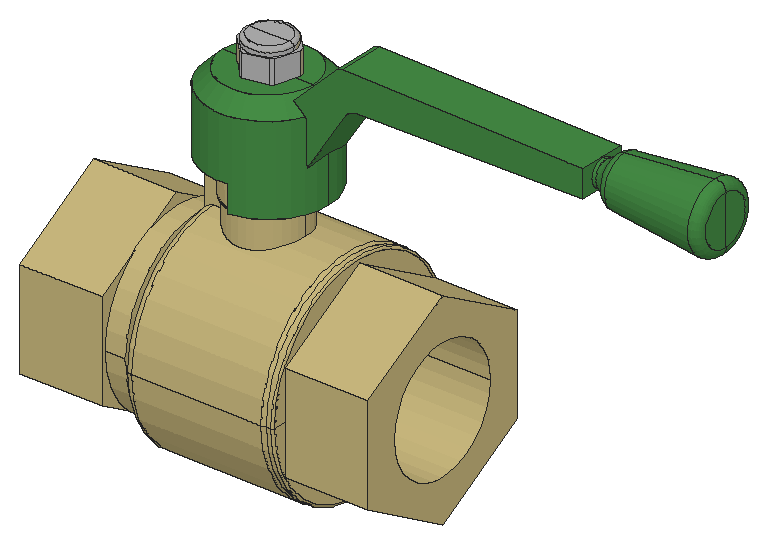
Revit family "QA02500000", category Apparecchi idraulici, Revit 2016
Family settings
  Tipo di parte = Normale
  Quota connettore circolare = Usa diametro
  Numero OmniClass = 23.45.00.00
  Titolo OmniClass = Sanitary, Laundry, and Cleaning Equipment
  Basato su piano di lavoro = No
  Sempre verticale = Sì
  Taglio con vuoti quando caricato = No
  Condiviso = No
  Punto di calcolo locali = No
Parameters
  URL = "https://web.cimberio.it/index.php/figura/1467?subcategoria_id=102"
  Produttore = "CIMBERIO SPA"
  Modello = "Cim 12CRNL"
  DN Model [instance] = QA02501032 : QA02501032
  DN [instance] = 32 mm
Reference planes
  plane 1 "Centro (Fronte/Retro)": y = 0
  plane 2: z = 0
  plane 3 "Centro (Sinistra/Destra)": x = 0
Dimensions and locks
  aligned and locked: level to plane 2
Nested families
  nested 1: "QA02501032" at (0, 0, 0), type <- "DN Model", type "QA02501032"
  nested 2: "QA02501032" at (0, 0, 0), type <- "DN Model", type "QA02501032"
  nested 3: "QA02501032" at (0, 0, 0), type <- "DN Model", type "QA02501032"
  nested 4: "QA02501032" at (0, 0, 0), type <- "DN Model", type "QA02501032"
  nested 5: "QA02501032" at (0, 0, 0), type <- "DN Model", type "QA02501032"
  nested 6: "QA02501032" at (0, 0, 0), type <- "DN Model", type "QA02501032"
  nested 7: "QA02501032" at (0, 0, 0), type <- "DN Model", type "QA02501032"
  nested 8: "QA02501032" at (0, 0, 0), type <- "DN Model", type "QA02501032"
Connectors
  piping at (45.85, 0, 0), diameter 32, driven by "DN"
    settings: on nested 1, index 1, connector inside diameter 609.6 mm, connector length 0 mm, flow factor 0, pipe flow 0.0 L/s, pressure drop 0.0 Pa, fitting loss kfactor 0, connector angle 0.00°, fixture units 0, engagement length 0 mm, angle of deflection 0.00°, flow configuration 0, flow direction 0, fitting loss method 0, system type 7, joint type 0, gender type 0, connector reference index -1, connector utility 0, adjustable connector no, is connector primary yes, connector description ""
  piping at (-45.85, 0, 0), diameter 32, driven by "DN"
    settings: on nested 1, index 2, connector inside diameter 609.6 mm, connector length 0 mm, flow factor 0, pipe flow 0.0 L/s, pressure drop 0.0 Pa, fitting loss kfactor 0, connector angle 0.00°, fixture units 0, engagement length 0 mm, angle of deflection 0.00°, flow configuration 0, flow direction 0, fitting loss method 0, system type 7, joint type 0, gender type 0, connector reference index -1, connector utility 0, adjustable connector no, is connector primary no, connector description ""
Definition of nested family "QA02501032"
  Reference planes
    plane 1 "Centro (Fronte/Retro)": y = 0
    plane 2: z = 0
    plane 3 "Centro (Sinistra/Destra)": x = 0
    plane 4: x = 120
  Forms (mm)
    Revolve 1, solid
      sketch origin (0, 0, 0) x (0, 1, 0) y (-1, 0, 0)
        loop
          line (12.54, 24) -> (12.54, -23.85) -> (27.75, -23.85)
          arc (27.75, -23.85) -> (28.104, -23.704) -> (28.25, -23.35) r 0.5
          line (28.25, -23.35) -> (28.25, -21.915) -> (28.5, -20.832) -> (28.5, 13.172)
          arc (28.5, 13.172) -> (28.348, 13.937) -> (27.913, 14.587) r 2
          line (27.913, 14.587) -> (23.982, 18.518) -> (23.982, 24) -> (12.54, 24)
        axis (0, 24) -> (0, -23.85)
      angle from 0 to 360
    Extrusion 2, solid
      sketch origin (-16, 0, 0) x (0, 0, 1) y (0, 1, 0)
        loop
          circle (0, 0) r 16
        loop
          line (-27, 0) -> (-12.855, -24.5) -> (12.855, -24.5) -> (27, 0) -> (12.855, 24.5) -> (-12.855, 24.5) -> (-27, 0)
      from 8 to 29.85
    Extrusion 3, solid
      sketch origin (16, 0, 0) x (0, 0, 1) y (0, -1, 0)
        loop
          circle (0, 0) r 16
        loop
          line (-27, 0) -> (-12.855, -24.5) -> (12.855, -24.5) -> (27, 0) -> (12.855, 24.5) -> (-12.855, 24.5) -> (-27, 0)
      from 7.644 to 29.85
    Revolve 4, solid
      sketch origin (0, 0, 0) x (1, 0, 0) y (0, 0, 1)
        loop
          line (0, 44.8) -> (-11.148, 44.8) -> (-11.148, 43.3) -> (-10.648, 42.612) -> (-10.531, 35)
          arc (-10.531, 35) -> (-10.252, 34.596) -> (-9.773, 34.488) r 0.674
          line (-9.773, 34.488) -> (-9.773, 25.891) -> (0, 25.891) -> (0, 44.8)
        axis (0, 44.8) -> (0, 25.891)
      angle from 0 to 360
    Extrusion 5, solid
      sketch origin (0, 0, 0) x (1, 0, 0) y (0, 0, 1)
        loop
          line (-15.648, 42.3) -> (-15.648, 25.431) -> (-9.091, 25.431) -> (-9.091, 42.3) -> (-15.648, 42.3)
      from 0 to 1.523
    Revolve 6, solid
      sketch origin (0, 0, 0) x (1, 0, 0) y (0, 0, 1)
        loop
          line (0, 64.8) -> (-11.898, 64.8) -> (-15.898, 60.8) -> (-15.898, 37.755) -> (0, 37.755) -> (0, 64.8)
        axis (0, 64.8) -> (0, 37.755)
      angle from 0 to 360
    Extrusion 7, void
      sketch origin (0, 0, 58.3) x (0, 1, 0) y (-1, 0, 0)
        loop
          line (0, 7.878) -> (0, 15.898)
          arc (0, 15.898) -> (-11.912, 10.529) -> (-15.778, -1.952) r 15.898
          line (-15.778, -1.952) -> (-10.853, -1.952)
          arc (-10.853, -1.952) -> (-7.117, 4.83) -> (0, 7.878) r 11.898
      from -22.127 to -13.5
    Extrusion 8, solid
      sketch origin (0, 0, 0) x (1, 0, 0) y (0, 0, 1)
        loop
          line (11.745, 63.693) -> (15.24, 49.16) -> (25.625, 65.18)
          arc (25.625, 65.18) -> (26.511, 66.008) -> (27.683, 66.321) r 2.503
          line (27.683, 66.321) -> (87.809, 67.322) -> (87.809, 74.31) -> (24.41, 75.284)
          arc (24.41, 75.284) -> (23.431, 75.101) -> (22.602, 74.55) r 2.5
          line (22.602, 74.55) -> (11.745, 63.693)
      from -6.155 to 6.192
    Revolve 9, solid
      sketch origin (0, 0, 0) x (1, 0, 0) y (0, 0, 1)
        loop
          line (117.605, 79.8) -> (93.794, 77.443)
          arc (93.794, 77.443) -> (92.62, 77.028) -> (91.771, 76.118) r 2.611
          arc (91.771, 76.118) -> (90.474, 75.069) -> (88.988, 74.31) r 8.057
          line (88.988, 74.31) -> (87.809, 74.31) -> (87.809, 70.816) -> (120.352, 70.816) -> (120.352, 77.316)
          arc (120.352, 77.316) -> (119.529, 79.166) -> (117.605, 79.8) r 2.5
        axis (87.809, 70.816) -> (120.352, 70.816)
      angle from 0 to 360
    Extrusion 10, solid
      sketch origin (0.313, 0, 58.3) x (0, 1, 0) y (-1, 0, 0)
        loop
          arc (5.605, 4.526) -> (5.297, 4.88) -> (4.966, 5.213) r 7.25
          line (4.966, 5.213) -> (-1.172, 7.103)
          arc (-1.172, 7.103) -> (-1.633, 7.013) -> (-2.086, 6.893) r 7.25
          line (-2.086, 6.893) -> (-6.792, 2.522)
          arc (-6.792, 2.522) -> (-6.944, 2.078) -> (-7.067, 1.626) r 7.25
          line (-7.067, 1.626) -> (-5.634, -4.635)
          arc (-5.634, -4.635) -> (-5.326, -4.989) -> (-4.996, -5.322) r 7.25
          line (-4.996, -5.322) -> (1.142, -7.211)
          arc (1.142, -7.211) -> (1.603, -7.122) -> (2.057, -7.002) r 7.25
          line (2.057, -7.002) -> (6.762, -2.631)
          arc (6.762, -2.631) -> (6.914, -2.187) -> (7.038, -1.734) r 7.25
          line (7.038, -1.734) -> (5.605, 4.526)
      from 6.5 to 12.5
    Revolve 11, solid
      sketch origin (0, 0, 0) x (1, 0, 0) y (0, 0, 1)
        loop
          line (0.352, 72.8) -> (0.352, 70.8) -> (6.602, 70.8) -> (6.602, 71.8)
          arc (6.602, 71.8) -> (6.309, 72.507) -> (5.602, 72.8) r 1
          line (5.602, 72.8) -> (0.352, 72.8)
        axis (0.352, 72.8) -> (0.352, 70.8)
      angle from 0 to 360
  Cuts and joins
    Extrusion 7 cuts Revolve 6
  Dimensions and locks
    aligned and locked: level to plane 2
